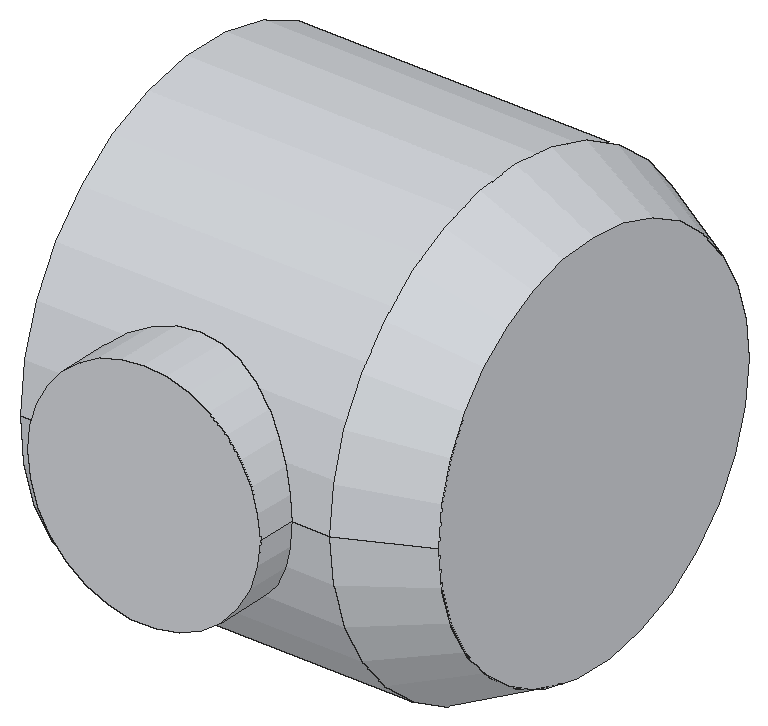
Revit family "M_Round Tee with Transition", category Duct Fittings, Revit 2014
Parameters (values of type "Standard")
  Shoulder Length [instance] = 25 mm
  Length 8 [instance] = if(Duct Radius 1 > Duct Radius 2, Duct Radius 1 + Shoulder Length, Duct Radius 2 + Shoulder Length)  # 175 mm
  Length 7 [instance] = if(Length 5 - Length 3 < Length 3, (Length 5 - Length 3), Length 3)  # 100 mm
  Length 6 [instance] = Duct Radius 3  # 75 mm
  Length 5 [instance] = (Duct Radius 3 + Shoulder Length) * 2  # 200 mm
  Length 4 [instance] = if(Length 6 > Length 3, Length 6, Length 3)  # 100 mm
  Length 2 [instance] = Duct Radius 1 + Duct Length 3  # 175 mm
  Length 1 [instance] = Duct Diameter 1 - Duct Diameter 2  # 50 mm
  Length 3 [instance] = Length 5 / 2  # 100 mm
  Duct Radius 3 [instance] = 75 mm
  Duct Radius 2 [instance] = 125 mm
  Duct Radius 1 [instance] = 150 mm
  Duct Length 3 [instance] = 25 mm
  Duct Length 2 [instance] = if(Length 1 < 25 mm, 25 mm, (if(Length 1 > 300 mm, 300 mm, Length 1)))  # 50 mm
  Duct Length 1 [instance] = if(Length 6 > Length 7, (Length 6 + Length 5 - Length 7), Length 5)  # 200 mm
  Duct Diameter 3 [instance] = Duct Radius 3 * 2  # 150 mm
  Duct Diameter 2 [instance] = Duct Radius 2 * 2  # 250 mm
  Duct Diameter 1 [instance] = Duct Radius 1 * 2  # 300 mm
  Assembly Code = ""
Reference planes
  plane 1 "Center (Front/Back)": y = 0
  plane 2: z = 0
  plane 3 "Center (Left/Right)": x = 0
  plane 4: x = -100
  plane 5: x = 100
  plane 6: x = 150
Forms (mm)
  Blend 1, solid, detail levels medium+fine
    base sketch origin (0, 0, 0) x (0, 1, 0) y (0, 0, 1)
      loop
        circle (0, 0) r 150
    top sketch origin (0, 0, 0) x (0, 1, 0) y (0, 0, 1)
      loop
        circle (0, 0) r 125
    from 100 to 150
  Sweep 2, solid, detail levels medium+fine
    path origin (0, 0, 0) x (1, 0, 0) y (0, 1, 0)
      loop
        line (-100, 0) -> (100, 0)
    profile origin (0, 0, 0) x (0, 1, 0) y (0, 0, 1)
      loop
        circle (0, 0) r 150
  Sweep 3, solid, detail levels medium+fine
    path in 3D
      loop
        line (0, 0, 0) -> (0, -175, 0)
    profile origin (0, -87.5, 0) x (1, 0, 0) y (0, 0, 1)
      loop
        circle (0, 0) r 75
Cuts and joins
  joined: Blend 1, Sweep 2, Sweep 3
Lines and regions (mm)
  model lines, style "DuctFitting", detail levels coarse
    curve 1: line (-100, 0, 0) -> (100, 0, 0)
  model lines, detail levels coarse
    curve 2: line (100, 0, 0) -> (150, 0, 0)
    curve 3: line (0, 0, 0) -> (0, -175, 0)
  sketch lines
    curve 4: line (0, 0, 0) -> (0, -175, 0)
Dimensions and locks
  "Duct Length 2": plane 5 to plane 6
  "Length 8": curve 3 to curve 3
  "Duct Length 1": plane 4 to plane 5
  "Length 4": plane 3 "Center (Left/Right)" to plane 5
  "Duct Radius 1": radius of Blend 1 sketch curve
  "Duct Radius 2": radius of Blend 1 sketch curve
  "Duct Radius 1": radius of Sweep 2 sketch curve
  "Duct Radius 3": radius of Sweep 3 sketch curve
  aligned and locked: plane 1 "Center (Front/Back)" to Blend 1 sketch curve  (x2)
  aligned and locked: plane 2 to Blend 1 sketch curve  (x2)
  aligned and locked: Blend 1 to plane 5
  aligned and locked: plane 6 to Blend 1
  aligned and locked: plane 4 to curve 1
  aligned and locked: plane 5 to curve 1
  aligned and locked: plane 6 to curve 2
  aligned and locked: Sweep 2 sketch curve to curve 1
  aligned and locked: profile plane to Sweep 2 sketch curve  (x2)
  aligned and locked: plane 3 "Center (Left/Right)" to curve 3
  aligned and locked: plane 1 "Center (Front/Back)" to curve 3
  aligned and locked: profile plane to Sweep 3 sketch curve  (x2)
Automatic sketch dimensions
  Sweep 2 sketch curve to plane 4 = 0 mm
  Sweep 2 sketch curve to plane 5 = 0 mm
Connectors
  hvac at (-100, 0, 0), driven by "Duct Radius 1"
    settings: on Sweep 2, index 1, duct flow 0.0 L/s, flow factor 0, pres drop 0.0 Pa, loss coef 0, conn angle 0.00°, conn width 304.8 mm, conn height 304.8 mm, conn diameter 300 mm, duct sys type 28, conn prof type 0, flow config 0, flow direction 0, loss method 0, conn ref index 2, conn util no, is conn primary yes, conn desc ""
  hvac at (150, 0, 0), driven by "Duct Radius 2"
    settings: on Blend 1, index 2, duct flow 0.0 L/s, flow factor 0, pres drop 0.0 Pa, loss coef 0, conn angle 0.00°, conn width 304.8 mm, conn height 304.8 mm, conn diameter 250 mm, duct sys type 28, conn prof type 0, flow config 0, flow direction 0, loss method 0, conn ref index 1, conn util no, is conn primary no, conn desc ""
  hvac at (0, -175, 0), driven by "Duct Radius 3"
    settings: on Sweep 3, index 3, duct flow 0.0 L/s, flow factor 0, pres drop 0.0 Pa, loss coef 0, conn angle 90.00°, conn width 304.8 mm, conn height 304.8 mm, conn diameter 150 mm, duct sys type 28, conn prof type 0, flow config 0, flow direction 0, loss method 0, conn ref index -1, conn util no, is conn primary no, conn desc ""
